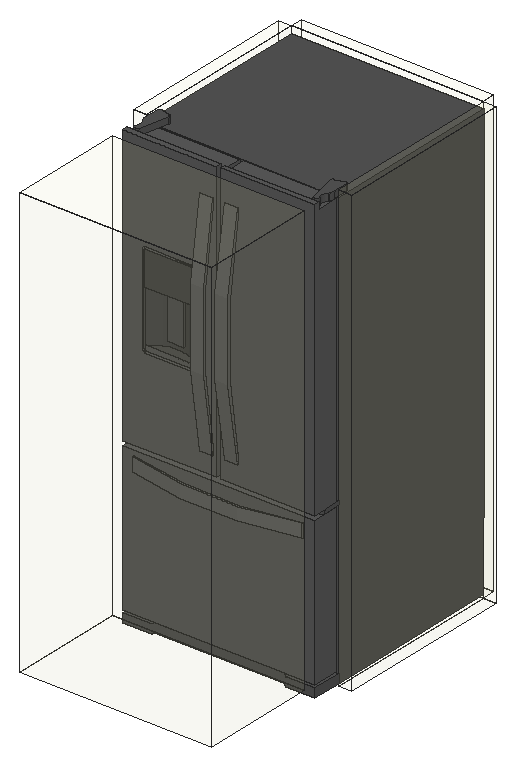
Revit family "WRF560SEHV-007c_Refrigeration_French_Door", category Specialty Equipment, Revit 2026
Family settings
  Round Connector Dimension = Use Diameter
  Part Type = Normal
  Work Plane-Based = No
  Enable Cutting in Views = No
  Always vertical = Yes
  Cut with Voids When Loaded = No
  Maintain Annotation Orientation = No
  Shared = No
  Room Calculation Point = No
Parameters (values of type "WRF560SEHV")
  Width = 29 1/2"
  Warranty Duration (Years) = "One year limited"
  Voltage = 120 V
  URL = "https://www.whirlpool.com/kitchen/refrigeration/refrigerators/french-door/p.30-inch-wide-french-door-refrigerator-20-cu.-ft.wrf560sehz.html"
  Specification = ""
  SpecWizard = ""
  Show Clearance [instance] = yes
  Send Message = ""
  Sales Information = "https://www.whirlpool.com/kitchen/refrigeration/refrigerators/french-door/p.30-inch-wide-french-door-refrigerator-20-cu.-ft.wrf560sehz.html"
  Product Data = "https://www.whirlpool.com/content/dam/global/documents/201801/UserInstructions-W10360467-RevC.pdf"
  Model = "WRF560SEHV"
  Manufacturer Website = ""
  Manufacturer Phone - Toll Free = ""
  Manufacturer Phone = ""
  Manufacturer Fax = ""
  Manufacturer Email = ""
  Manufacturer Address = ""
  Manufacturer = "Whirlpool"
  Maintenance Schedule (Months) = "NA"
  Leg Material = ARCAT - Plastic - Black
  Installation-Fabrication = "https://www.whirlpool.com/content/dam/global/documents/201801/DimensionGuide-W10359441-D-WH.pdf"
  Installation Phase = "NA"
  Height = 68 3/8"
  Handle Material = ARCAT - Metal - Steel - Gray
  HW size = 0"
  Family Name = "Freestanding Refrigerator"
  Expected Lifespan (Years) = "NA"
  Exhaust size = 0"
  Drawn By = ""
  Drain size = 0"
  Door Material = ARCAT - Metal - Steel - Black Stainless
  Display Panel Material = ARCAT - Glass - Black
  Description = "Whirlpool® 30-inch Wide French Door Refrigerator - 20 cu. ft."
  Depth = 34 3/8"
  Default Elevation = 0"
  Copyright = ""
  Clearance Material = ARCAT - Clearance
  CW size = 0"
  Body Material = ARCAT - Metal - Steel - Black
  Apparent Load = 0 VA
  Amps = 15 A
  Accent Material = ARCAT - Metal - Steel - Black
Reference planes (in)
  plane 1 "Center (Front/Back)": y = 0
  plane 2: z = 0
  plane 3 "Center (Left/Right)": x = 0
  plane 4: x = 14.75
  plane 5: x = -14.75
  plane 6: y = -2
  plane 7: y = -36.375
  plane 8: z = 68.375
Forms (in)
  Extrusion 1, solid, material "ARCAT - Metal - Steel - Black" <- "Body Material"
    sketch origin (0, -2, -0.5) x (1, 0, 0) y (0, 1, 0)
      loop
        line (-14.75, -0.0625) -> (-14.75, -27.8125) -> (14.75, -27.8125) -> (14.75, -0.0625) -> (-14.75, -0.0625)
    from 1 to 67.875
  Extrusion 2, solid, material "ARCAT - Clearance" <- "Clearance Material", visible <- "Show Clearance", detail levels medium+fine
    sketch origin (63.95747, -149.5, 68.375) x (-1, 0, 0) y (0, -1, 0)
      loop
        line (49.20747, -149.5) -> (78.70747, -149.5) -> (78.70747, -147.5) -> (49.20747, -147.5) -> (49.20747, -149.5)
    from 0 to -68.375
  Extrusion 3, solid, material "ARCAT - Metal - Steel - Black Stainless" <- "Door Material"
    sketch origin (0, -4.375, 68.375) x (1, 0, 0) y (0, 1, 0)
      loop
        line (-14.75, -30) -> (-0.3125, -30) -> (-0.3125, -25.5625) -> (-14, -25.5625) -> (-14, -25.9375) -> (-14.75, -25.9375) -> (-14.75, -30)
    from 0 to -42.79357
  Extrusion 4, solid, material "ARCAT - Glass - Black" <- "Display Panel Material"
    sketch origin (-14.75, -34.375, 72.625) x (1, 0, 0) y (0, 0, 1)
      loop
        line (3.30715, -24.65412) -> (10.95152, -24.65412) -> (10.95152, -19.66472)
        arc (10.95152, -19.66472) -> (10.8783, -19.48795) -> (10.70152, -19.41472) r 0.25
        line (10.70152, -19.41472) -> (3.55715, -19.41472)
        arc (3.55715, -19.41472) -> (3.38038, -19.48795) -> (3.30715, -19.66472) r 0.25
        line (3.30715, -19.66472) -> (3.30715, -24.65412)
    from 0 to 0.0625
  Extrusion 5, solid, material "ARCAT - Metal - Steel - Black" <- "Body Material"
    sketch origin (-14.75, -34.375, 48.79357) x (1, 0, 0) y (0, 0, 1)
      loop
        arc (3.30715, -9.2561) -> (3.42663, -9.54455) -> (3.71508, -9.66403) r 0.40793
        line (3.71508, -9.66403) -> (10.54527, -9.66403)
        arc (10.54527, -9.66403) -> (10.83254, -9.54504) -> (10.95152, -9.25778) r 0.40625
        line (10.95152, -9.25778) -> (10.95152, 4.16671)
        arc (10.95152, 4.16671) -> (10.8783, 4.34348) -> (10.70152, 4.41671) r 0.25
        line (10.70152, 4.41671) -> (3.55715, 4.41671)
        arc (3.55715, 4.41671) -> (3.38038, 4.34348) -> (3.30715, 4.16671) r 0.25
        line (3.30715, 4.16671) -> (3.30715, -9.2561)
      loop
        arc (3.05715, -9.2561) -> (3.24985, -9.72132) -> (3.71508, -9.91403) r 0.65793
        line (3.71508, -9.91403) -> (10.54527, -9.91403)
        arc (10.54527, -9.91403) -> (11.00931, -9.72181) -> (11.20152, -9.25778) r 0.65625
        line (11.20152, -9.25778) -> (11.20152, 4.16671)
        arc (11.20152, 4.16671) -> (11.05508, 4.52026) -> (10.70152, 4.66671) r 0.5
        line (10.70152, 4.66671) -> (3.55715, 4.66671)
        arc (3.55715, 4.66671) -> (3.2036, 4.52026) -> (3.05715, 4.16671) r 0.5
        line (3.05715, 4.16671) -> (3.05715, -9.2561)
    from 0 to 0.0625
  Extrusion 6, solid, material "ARCAT - Clearance" <- "Clearance Material", visible <- "Show Clearance", detail levels medium+fine
    sketch origin (63.95747, -184.125, 68.375) x (-1, 0, 0) y (0, -1, 0)
      loop
        line (49.20747, -147.75) -> (78.70747, -147.75) -> (78.70747, -130) -> (49.20747, -130) -> (49.20747, -147.75)
    from 0 to -66.05697
  Extrusion 7, solid, material "ARCAT - Metal - Steel - Gray" <- "Handle Material"
    sketch origin (-0.03977, -4.375, -2.77278) x (0, 1, 0) y (0, 0, -1)
      loop
        line (-30, -66.625) -> (-30, -65.4798)
        arc (-30, -65.4798) -> (-31.77475, -48.87599) -> (-30, -32.27218) r 78.55645
        line (-30, -32.27218) -> (-30, -31.12698)
        arc (-30, -31.12698) -> (-32.02475, -48.87599) -> (-30, -66.625) r 78.80645
    from 0.83523 to 2.83523
  Extrusion 8, solid, material "ARCAT - Metal - Steel - Black" <- "Body Material"
    sketch origin (-5.26713, -33.90625, 49.84588) x (1, 0, 0) y (0, -1, 0)
      loop
        arc (-3.64128, -1.04392) -> (-2.38926, -1.19725) -> (-1.13478, -1.06553) r 5.58152
        line (-1.13478, -1.06553) -> (-1.13478, -0.83704) -> (-3.64128, -0.83704) -> (-3.64128, -1.04392)
    from 2.5 to 9.09133
  Extrusion 9, solid, material "ARCAT - Plastic - Black" <- "Leg Material"
    sketch origin (0.73842, 17.04923, 0) x (1, 0, 0) y (0, -1, 0)
      loop
        circle (-13.18238, 22.39858) r 0.75
    from 0 to -0.5
  Extrusion 10, solid, material "ARCAT - Plastic - Black" <- "Leg Material"
    sketch origin (0.73842, -5.10142, 0) x (1, 0, 0) y (0, -1, 0)
      loop
        circle (-13.18238, 23.14858) r 0.75
    from 0 to -0.5
  Extrusion 11, solid, material "ARCAT - Plastic - Black" <- "Leg Material"
    sketch origin (-0.73842, 17.04923, 0) x (1, 0, 0) y (0, -1, 0)
      loop
        circle (13.18238, 22.39858) r 0.75
    from 0 to -0.5
  Extrusion 12, solid, material "ARCAT - Plastic - Black" <- "Leg Material"
    sketch origin (-0.73842, -5.10142, 0) x (1, 0, 0) y (0, -1, 0)
      loop
        circle (13.18238, 23.14858) r 0.75
    from 0 to -0.5
  Extrusion 13, solid, material "ARCAT - Metal - Steel - Black Stainless" <- "Door Material"
    sketch origin (-6.51723, -33.625, 34.87955) x (0, -1, 0) y (1, 0, 0)
      loop
        line (-1.05781, -3.85136) -> (-0.80496, -3.85136)
        arc (-0.80496, -3.85136) -> (-0.9168, -2.38478) -> (-0.80499, -0.9182) r 9.67341
        line (-0.80499, -0.9182) -> (-1.05784, -0.9182)
        arc (-1.05784, -0.9182) -> (-1.1668, -2.38478) -> (-1.05781, -3.85136) r 9.92341
    from 4.42548 to 8.09133
  Extrusion 14, solid, material "ARCAT - Clearance" <- "Clearance Material", visible <- "Show Clearance", detail levels medium+fine
    sketch origin (-17.58655, -2, 48) x (1, 0, 0) y (0, 0, 1)
      loop
        line (2.83655, 20.375) -> (0.83655, 20.375) -> (0.83655, -48) -> (2.83655, -48) -> (2.83655, 20.375)
      loop
        line (32.33655, 20.375) -> (32.33655, -48) -> (34.33655, -48) -> (34.33655, 20.375) -> (32.33655, 20.375)
    from 0 to 27.8125
  Extrusion 15, void
    sketch origin (0.375, 0, -0.5) x (0, -1, 0) y (1, 0, 0)
      loop
        line (34.375, -11.81785) -> (34.375, -4.19189) -> (34.19412, -4.19189)
        arc (34.19412, -4.19189) -> (32.70887, -8.01285) -> (34.23453, -11.81785) r 5.58152
        line (34.23453, -11.81785) -> (34.375, -11.81785)
    from 40.37955 to 48.47088
  Extrusion 16, solid, material "ARCAT - Metal - Steel - Black Stainless" <- "Door Material"
    sketch origin (0, -4.375, 68.375) x (-1, 0, 0) y (0, -1, 0)
      loop
        line (-14.75, 30) -> (-14.75, 25.9375) -> (-14, 25.9375) -> (-14, 25.5625) -> (-0.3125, 25.5625) -> (-0.3125, 30) -> (-14.75, 30)
    from 0 to -42.79357
  Extrusion 17, solid, material "ARCAT - Metal - Steel - Black Stainless" <- "Door Material"
    sketch origin (0, -4.375, 57.375) x (-1, 0, 0) y (0, -1, 0)
      loop
        line (-14.75, 30) -> (-14.75, 25.9375) -> (-14, 25.9375) -> (-14, 25.5625) -> (14, 25.5625) -> (14, 25.9375) -> (14.75, 25.9375) -> (14.75, 30) -> (-14.75, 30)
    from -32.54357 to -55.05697
  Extrusion 18, solid, material "ARCAT - Metal - Steel - Gray" <- "Handle Material"
    sketch origin (-48.75099, -4.375, 21.18845) x (1, 0, 0) y (0, 1, 0)
      loop
        line (35.8369, -30) -> (35.68948, -30) -> (35.68948, -30.12349)
        arc (35.68948, -30.12349) -> (35.71503, -30.19922) -> (35.78124, -30.24399) r 0.125
        arc (35.78124, -30.24399) -> (48.75099, -32) -> (61.72074, -30.24399) r 48.77463
        arc (61.72074, -30.24399) -> (61.78695, -30.19922) -> (61.8125, -30.12349) r 0.125
        line (61.8125, -30.12349) -> (61.8125, -30) -> (61.66508, -30)
        arc (61.66508, -30) -> (48.75099, -31.75) -> (35.8369, -30) r 48.52463
    from 0.83523 to 2.83523
  Extrusion 19, solid, material "ARCAT - Metal - Steel - Gray" <- "Handle Material"
    sketch origin (0.03977, -4.375, -2.77278) x (0, 1, 0) y (0, 0, 1)
      loop
        arc (-30, 66.625) -> (-32.02475, 48.87599) -> (-30, 31.12698) r 78.80645
        line (-30, 31.12698) -> (-30, 32.27218)
        arc (-30, 32.27218) -> (-31.77475, 48.87599) -> (-30, 65.4798) r 78.55645
        line (-30, 65.4798) -> (-30, 66.625)
    from 0.83523 to 2.83523
  Extrusion 20, solid, material "ARCAT - Metal - Steel - Black" <- "Body Material"
    sketch origin (3.11177, -5.17197, 24.58143) x (1, 0, 0) y (0, 1, 0)
      loop
        line (-17.86177, -24.64053) -> (-17.86177, -27.31056)
        arc (-17.86177, -27.31056) -> (-17.56507, -27.70764) -> (-17.10018, -27.53566) r 0.41406
        line (-17.10018, -27.53566) -> (-16.24093, -26.20909)
        arc (-16.24093, -26.20909) -> (-16.25266, -25.96938) -> (-16.48367, -25.9043) r 0.20547
        line (-16.48367, -25.9043) -> (-16.67476, -25.97385)
        arc (-16.67476, -25.97385) -> (-16.92377, -25.88933) -> (-16.89514, -25.62792) r 0.21007
        line (-16.89514, -25.62792) -> (-15.90775, -24.64053) -> (-17.86177, -24.64053)
    from 0.5 to 1
  Extrusion 21, solid, material "ARCAT - Metal - Steel - Black" <- "Body Material"
    sketch origin (-3.11177, -5.17197, 24.58143) x (-1, 0, 0) y (0, -1, 0)
      loop
        line (-17.86177, 24.64053) -> (-15.90775, 24.64053) -> (-16.89514, 25.62792)
        arc (-16.89514, 25.62792) -> (-16.92377, 25.88933) -> (-16.67476, 25.97385) r 0.21007
        line (-16.67476, 25.97385) -> (-16.48367, 25.9043)
        arc (-16.48367, 25.9043) -> (-16.25266, 25.96938) -> (-16.24093, 26.20909) r 0.20547
        line (-16.24093, 26.20909) -> (-17.10018, 27.53566)
        arc (-17.10018, 27.53566) -> (-17.56507, 27.70764) -> (-17.86177, 27.31056) r 0.41406
        line (-17.86177, 27.31056) -> (-17.86177, 24.64053)
    from 0.5 to 1
  Extrusion 22, solid, material "ARCAT - Metal - Steel - Black" <- "Body Material"
    sketch origin (-14.75, -2.0625, -0.5) x (1, 0, 0) y (0, 0, -1)
      loop
        circle (27.80654, -11.0857) r 0.25
    from 0 to 0.03125
  Extrusion 23, solid, material "ARCAT - Metal - Steel - Black" <- "Body Material"
    sketch origin (-14.75, -2.0625, -0.5) x (1, 0, 0) y (0, 0, -1)
      loop
        line (28, -1) -> (3.75, -1) -> (3.75, -2.49567)
        arc (3.75, -2.49567) -> (3.5, -2.74567) -> (3.25, -2.49567) r 0.25
        line (3.25, -2.49567) -> (3.25, -1) -> (1, -1) -> (1, -2.49567) -> (0.5, -2.49567) -> (0.5, -4.05634) -> (2.87356, -4.05634) -> (2.87356, -6.31722) -> (0.5, -6.31722) -> (0.5, -10.2917) -> (1, -10.2917) -> (1, -11.78736) -> (27.4375, -11.78736) -> (27.4375, -10.61908) -> (28.1875, -10.61908) -> (28.1875, -11.53736) -> (29, -11.53736) -> (29, -2) -> (28, -2) -> (28, -1)
    from 0 to 0.0625
  Extrusion 24, solid, material "ARCAT - Metal - Steel - Black" <- "Accent Material"
    sketch origin (-14.75, -31.875, 57.375) x (0, -1, 0) y (0, 0, 1)
      loop
        line (-2.0625, -55.5002) -> (-2.0625, -56.875) -> (2.5, -56.875) -> (2.5, -55.5002) -> (-2.0625, -55.5002)
    from 0 to -4.5
  Extrusion 25, solid, material "ARCAT - Metal - Steel - Black" <- "Accent Material"
    sketch origin (14.75, -34.375, 68.375) x (-1, 0, 0) y (0, 0, -1)
      loop
        line (25, 67.875) -> (24.64645, 67.52145) -> (4.85355, 67.52145) -> (4.5, 67.875) -> (4.5, 66.5002) -> (4.85355, 66.14665) -> (24.64645, 66.14665) -> (25, 66.5002) -> (25, 67.875)
    from 0 to -4.5625
  Extrusion 26, solid, material "ARCAT - Metal - Steel - Black" <- "Accent Material"
    sketch origin (14.75, -31.875, 57.375) x (0, -1, 0) y (0, 0, -1)
      loop
        line (-2.0625, 55.5002) -> (2.5, 55.5002) -> (2.5, 56.875) -> (-2.0625, 56.875) -> (-2.0625, 55.5002)
    from 0 to -4.5
  Extrusion 27, solid, material "ARCAT - Metal - Steel - Black" <- "Body Material"
    sketch origin (0.125, -5.59375, 67.375) x (1, 0, 0) y (0, 1, 0)
      loop
        arc (-14.26354, -22.14842) -> (-14.50419, -22.20093) -> (-14.61177, -22.4225) r 0.28197
        line (-14.61177, -22.4225) -> (-14.61177, -24.67511)
        arc (-14.61177, -24.67511) -> (-14.58722, -25.03246) -> (-14.51403, -25.3831) r 2.61317
        arc (-14.51403, -25.3831) -> (-14.45066, -25.53883) -> (-14.35425, -25.67658) r 0.75155
        arc (-14.35425, -25.67658) -> (-14.07121, -26.35267) -> (-14.2568, -27.06172) r 1.14347
        arc (-14.2568, -27.06172) -> (-14.0771, -27.65025) -> (-13.53208, -27.36459) r 0.39966
        line (-13.53208, -27.36459) -> (-12.57015, -22.83907)
        arc (-12.57015, -22.83907) -> (-12.60727, -22.6307) -> (-12.77917, -22.50722) r 0.28125
        line (-12.77917, -22.50722) -> (-14.26354, -22.14842)
    from 1 to 0
  Extrusion 28, void
    sketch origin (-17.75, 6.715, 49.75) x (0, 1, 0) y (0, 0, 1)
      loop
        line (-36.5275, 18.625) -> (-40.2775, 18.625) -> (-40.2775, 17.625) -> (-36.5275, 17.625) -> (-36.5275, 18.625)
    from 3 to 17.4375
  Extrusion 29, solid, material "ARCAT - Metal - Steel - Black" <- "Body Material"
    sketch origin (-0.125, -5.59375, 67.375) x (-1, 0, 0) y (0, -1, 0)
      loop
        line (-14.26354, 22.14842) -> (-12.77917, 22.50722)
        arc (-12.77917, 22.50722) -> (-12.60727, 22.6307) -> (-12.57015, 22.83907) r 0.28125
        line (-12.57015, 22.83907) -> (-13.53208, 27.36459)
        arc (-13.53208, 27.36459) -> (-14.0771, 27.65025) -> (-14.2568, 27.06172) r 0.39966
        arc (-14.2568, 27.06172) -> (-14.07121, 26.35267) -> (-14.35425, 25.67658) r 1.14347
        arc (-14.35425, 25.67658) -> (-14.45066, 25.53883) -> (-14.51403, 25.3831) r 0.75155
        arc (-14.51403, 25.3831) -> (-14.58722, 25.03246) -> (-14.61177, 24.67511) r 2.61317
        line (-14.61177, 24.67511) -> (-14.61177, 22.4225)
        arc (-14.61177, 22.4225) -> (-14.50419, 22.20093) -> (-14.26354, 22.14842) r 0.28197
    from 1 to 0
  Extrusion 30, void
    sketch origin (17.75, 6.715, 49.75) x (0, 1, 0) y (0, 0, -1)
      loop
        line (-36.5275, -18.625) -> (-36.5275, -17.625) -> (-40.2775, -17.625) -> (-40.2775, -18.625) -> (-36.5275, -18.625)
    from 3 to 17.4375
  Extrusion 31, solid, material "ARCAT - Metal - Steel - Black" <- "Body Material"
    sketch origin (-17.5, -1.0625, 0) x (1, 0, 0) y (0, 0, -1)
      loop
        line (2.75, -9.7917) -> (2.75, -67.375) -> (32.25, -67.375) -> (32.25, -11.03736) -> (31.25, -11.03736) -> (31.25, -66.375) -> (3.75, -66.375) -> (3.75, -9.7917) -> (2.75, -9.7917)
    from -1 to -0.9375
Cuts and joins
  Extrusion 15, Extrusion 28 cuts Extrusion 3
  Extrusion 15, Extrusion 28 cuts Extrusion 13
  joined: Extrusion 3, Extrusion 13
  joined: Extrusion 24, Extrusion 25, Extrusion 26
  Extrusion 30 cuts Extrusion 16
  joined: Extrusion 1, Extrusion 31
Lines and regions (in)
  symbolic lines, style "SpecialityEquipment"
    curve 1: line (14.75, -34.375, 0.5) -> (-14.75, -34.375, 0.5)
    curve 2: line (-14.75, -2, 0.5) -> (14.75, -2, 0.5)
    curve 3: line (14.75, -34.375, 0.5) -> (14.75, -2, 0.5)
    curve 4: line (-14.75, -34.375, 0.5) -> (-14.75, -2, 0.5)
    curve 15: line (-2.875, -36.03976, 0.5) -> (-2.875, -34.375, 0.5)
    curve 16: line (-0.875, -34.375, 0.5) -> (-0.875, -36.11711, 0.5)
    curve 17: arc (-12.96975, -34.61899, 0.5) -> (0, -36.375, 0.5) -> (12.96975, -34.61899, 0.5) r 48.77463
    curve 18: arc (12.96975, -34.61899, 0.5) -> (13.03596, -34.57422, 0.5) -> (13.06151, -34.49849, 0.5) r 0.125
    curve 19: line (13.06151, -34.49849, 0.5) -> (13.06151, -34.375, 0.5)
    curve 20: arc (12.91409, -34.375, 0.5) -> (0, -36.125, 0.5) -> (-12.91409, -34.375, 0.5) r 48.52463
    curve 21: line (-13.06151, -34.375, 0.5) -> (-13.06151, -34.49849, 0.5)
    curve 22: arc (-13.06151, -34.49849, 0.5) -> (-13.03596, -34.57422, 0.5) -> (-12.96975, -34.61899, 0.5) r 0.125
    curve 23: line (2.875, -36.03976, 0.5) -> (2.875, -34.375, 0.5)
    curve 24: line (0.875, -34.375, 0.5) -> (0.875, -36.11711, 0.5)
  model lines
    curve 5: line (12.9375, -2, 1.5) -> (5.4375, -2, 1.5)
    curve 6: line (5.4375, -2, 1.5) -> (5.4375, -2, 10.5)
    curve 7: line (5.4375, -2, 10.5) -> (10.6875, -2, 10.5)
    curve 8: line (10.6875, -2, 10.5) -> (10.6875, -2, 7.75)
    curve 9: line (10.6875, -2, 7.75) -> (12.9375, -2, 7.75)
    curve 10: line (12.9375, -2, 7.75) -> (12.9375, -2, 1.5)
    curve 11: line (-10.5, -2, 1.5) -> (-10.5, -2, 10.5)
    curve 12: line (-6.75, -2, 1.5) -> (-6.75, -2, 10.5)
    curve 13: line (-10.5, -2, 10.5) -> (-6.75, -2, 10.5)
    curve 14: line (-10.5, -2, 1.5) -> (-6.75, -2, 1.5)
Dimensions and locks (in)
  "Width": plane 5 to plane 4
  equal spacing: plane 5, plane 3 "Center (Left/Right)", plane 4
  "Depth": plane 7 to plane 6
  "Height": plane 8 to plane 2
  aligned and locked: plane 2 to level
Automatic sketch dimensions
  curve 17 to curve 20 = 0"  (x2)
  curve 17 to plane 3 "Center (Left/Right)" = 0"
  curve 2 to plane 4 = 0"
  plane 6 to curve 2 = 0"
  curve 4 to plane 5 = 0"
  curve 20 to plane 1 "Center (Front/Back)" = 12.39963"
  curve 4 to plane 7 = 2"
  curve 21 to curve 21 = 0.12349"
  curve 20 to curve 18 = 0.12349"
  plane 5 to curve 21 = 1.68849"
  curve 22 to curve 22 = 1/8"
  curve 18 to plane 4 = 1.81349"
  curve 18 to curve 19 = 1/8"
  curve 17 to curve 18 = 0"
  curve 15 to plane 7 = 0.33524"
  curve 23 to plane 7 = 0.33524"
  curve 24 to plane 7 = 0.25789"
  curve 16 to plane 7 = 0.25789"
  curve 22 to curve 20 = 0.02242"
  Extrusion 1 sketch curve to plane 5 = 0"
  Extrusion 1 sketch curve to plane 4 = 0"
  Extrusion 1 sketch curve to plane 7 = 6 9/16"
  plane 6 to Extrusion 1 sketch curve = 1/16"
  Extrusion 2 sketch curve to plane 4 = 0"
  Extrusion 2 sketch curve to plane 5 = 0"
  plane 1 "Center (Front/Back)" to Extrusion 2 sketch curve = 0"
  plane 6 to Extrusion 2 sketch curve = 0"
  Extrusion 3 sketch curve to plane 5 = 0"
  plane 5 to Extrusion 3 sketch curve = 3/4"
  Extrusion 3 sketch curve to plane 3 "Center (Left/Right)" = 5/16"
  Extrusion 3 sketch curve to plane 7 = 2"
  Extrusion 3 sketch curve to Extrusion 3 sketch curve = 4 1/16"
  Extrusion 3 sketch curve to Extrusion 3 sketch curve = 4 7/16"
  Extrusion 3 to Extrusion 4 sketch curve = 3.30715"
  Extrusion 4 sketch curve to Extrusion 4 sketch curve = 1/4"
  Extrusion 4 sketch curve to Extrusion 3 = 3.73598"
  Extrusion 4 sketch curve to Extrusion 3 = 3.48598"
  Extrusion 3 to Extrusion 4 sketch curve = 20.40412"
  Extrusion 4 sketch curve to Extrusion 4 sketch curve = 4.9894"
  Extrusion 5 sketch curve to Extrusion 5 sketch curve = 0"  (x8)
  Extrusion 3 to Extrusion 5 sketch curve = 3.05715"
  Extrusion 5 sketch curve to Extrusion 5 sketch curve = 1/4"  (x2)
  Extrusion 5 sketch curve to Extrusion 5 sketch curve = 0.40793"
  Extrusion 5 sketch curve to Extrusion 3 = 3.89223"
  Extrusion 5 sketch curve to Extrusion 3 = 3.73598"
  Extrusion 5 sketch curve to Extrusion 5 sketch curve = 13/32"
  Extrusion 3 to Extrusion 5 sketch curve = 13.29812"
  Extrusion 5 sketch curve to Extrusion 5 sketch curve = 13.42448"
  Extrusion 6 sketch curve to plane 4 = 0"
  Extrusion 6 sketch curve to plane 5 = 0"
  plane 7 to Extrusion 6 sketch curve = 0"
  plane 7 to Extrusion 6 sketch curve = 17 3/4"
  Extrusion 7 sketch curve to Extrusion 7 sketch curve = 0"  (x3)
  Extrusion 7 sketch curve to plane 7 = 2"  (x2)
  Extrusion 7 sketch curve to plane 1 "Center (Front/Back)" = 42.4067"
  Extrusion 7 sketch curve to Extrusion 7 sketch curve = 1.1452"
  plane 5 to Extrusion 8 sketch curve = 5.84159"
  plane 7 to Extrusion 8 sketch curve = 1.91531"
  Extrusion 8 sketch curve to Extrusion 8 sketch curve = 1.30014"
  Extrusion 8 sketch curve to Extrusion 8 sketch curve = 2.5065"
  Extrusion 8 sketch curve to plane 7 = 3.30579"
  Extrusion 8 sketch curve to Extrusion 8 sketch curve = 0.20688"
  plane 5 to Extrusion 9 sketch curve = 2.30604"
  plane 6 to Extrusion 9 sketch curve = 3.34935"
  plane 5 to Extrusion 10 sketch curve = 2.30604"
  Extrusion 10 sketch curve to plane 7 = 8 1/8"
  Extrusion 11 sketch curve to plane 4 = 2.30604"
  plane 6 to Extrusion 11 sketch curve = 3.34935"
  Extrusion 12 sketch curve to plane 4 = 2.30604"
  Extrusion 12 sketch curve to plane 7 = 8 1/8"
  Extrusion 13 sketch curve to Extrusion 13 sketch curve = 0"  (x2)
  Extrusion 13 sketch curve to plane 7 = 3.80784"
  Extrusion 13 sketch curve to Extrusion 13 sketch curve = 0.00003"
  Extrusion 13 sketch curve to Extrusion 13 sketch curve = 0.25285"
  plane 7 to Extrusion 13 sketch curve = 6.00662"
  plane 5 to Extrusion 13 sketch curve = 4.38141"
  plane 5 to Extrusion 13 sketch curve = 5.84809"
  Extrusion 14 sketch curve to plane 8 = 0"  (x2)
  Extrusion 14 sketch curve to level = 0"  (x2)
  Extrusion 14 sketch curve to plane 5 = 0"
  Extrusion 14 sketch curve to plane 4 = 0"
  Extrusion 14 sketch curve to Extrusion 14 sketch curve = 2"
  plane 4 to Extrusion 14 sketch curve = 2"
  Extrusion 15 sketch curve to plane 7 = 2.18088"
  Extrusion 15 sketch curve to plane 7 = 2.14047"
  Extrusion 15 sketch curve to Extrusion 15 sketch curve = 0.14047"
  plane 7 to Extrusion 15 sketch curve = 1.91531"
  plane 5 to Extrusion 15 sketch curve = 3.30715"
  Extrusion 15 sketch curve to Extrusion 15 sketch curve = 3.83458"
  Extrusion 16 sketch curve to plane 4 = 0"
  Extrusion 16 sketch curve to plane 4 = 3/4"
  plane 3 "Center (Left/Right)" to Extrusion 16 sketch curve = 5/16"
  Extrusion 16 sketch curve to plane 7 = 6 7/16"
  Extrusion 16 sketch curve to Extrusion 16 sketch curve = 3/8"
  Extrusion 16 sketch curve to plane 7 = 2"
  Extrusion 17 sketch curve to plane 4 = 0"
  Extrusion 17 sketch curve to plane 5 = 0"
  Extrusion 17 sketch curve to plane 4 = 3/4"
  plane 5 to Extrusion 17 sketch curve = 3/4"
  Extrusion 17 sketch curve to plane 7 = 6 7/16"
  Extrusion 17 sketch curve to Extrusion 17 sketch curve = 3/8"  (x2)
  Extrusion 17 sketch curve to plane 7 = 2"
  Extrusion 18 sketch curve to Extrusion 18 sketch curve = 0"  (x3)
  Extrusion 18 sketch curve to plane 3 "Center (Left/Right)" = 0"
  plane 5 to Extrusion 18 sketch curve = 1.83591"
  Extrusion 18 sketch curve to Extrusion 18 sketch curve = 0.02242"  (x2)
  Extrusion 18 sketch curve to Extrusion 18 sketch curve = 1/8"
  Extrusion 18 sketch curve to plane 4 = 1.83591"
  Extrusion 18 sketch curve to Extrusion 18 sketch curve = 0.14742"
  Extrusion 18 sketch curve to plane 7 = 1.87651"  (x2)
  Extrusion 18 sketch curve to Extrusion 18 sketch curve = 0.12349"
  Extrusion 18 sketch curve to plane 1 "Center (Front/Back)" = 12.39963"
  Extrusion 19 sketch curve to Extrusion 19 sketch curve = 0"  (x3)
  Extrusion 19 sketch curve to plane 7 = 2"  (x2)
  Extrusion 19 sketch curve to plane 1 "Center (Front/Back)" = 42.4067"
  level to Extrusion 19 sketch curve = 29.4994"
  Extrusion 19 sketch curve to Extrusion 19 sketch curve = 1.1452"
  Extrusion 20 sketch curve to plane 5 = 0"
  plane 5 to Extrusion 20 sketch curve = 53/128"
  Extrusion 20 sketch curve to Extrusion 20 sketch curve = 0.34753"
  plane 5 to Extrusion 20 sketch curve = 0.96663"
  Extrusion 20 sketch curve to Extrusion 20 sketch curve = 0.14854"
  Extrusion 20 sketch curve to Extrusion 20 sketch curve = 0.07185"
  Extrusion 20 sketch curve to Extrusion 20 sketch curve = 0.19109"
  Extrusion 20 sketch curve to Extrusion 20 sketch curve = 0.07028"
  Extrusion 20 sketch curve to Extrusion 20 sketch curve = 0.17246"
  Extrusion 20 sketch curve to Extrusion 20 sketch curve = 0.57592"
  Extrusion 20 sketch curve to plane 7 = 3.66737"
  Extrusion 20 sketch curve to Extrusion 20 sketch curve = 1.32657"
  Extrusion 20 sketch curve to Extrusion 20 sketch curve = 0.1117"
  Extrusion 20 sketch curve to Extrusion 20 sketch curve = 0.06955"
  Extrusion 20 sketch curve to Extrusion 20 sketch curve = 0.1974"
  Extrusion 20 sketch curve to Extrusion 20 sketch curve = 1.26377"
  Extrusion 21 sketch curve to plane 4 = 0"
  Extrusion 21 sketch curve to Extrusion 21 sketch curve = 53/128"
  Extrusion 21 sketch curve to Extrusion 21 sketch curve = 0.34753"
  Extrusion 21 sketch curve to plane 4 = 0.96663"
  Extrusion 21 sketch curve to Extrusion 21 sketch curve = 0.14854"  (x2)
  Extrusion 21 sketch curve to Extrusion 21 sketch curve = 0.07185"
  Extrusion 21 sketch curve to Extrusion 21 sketch curve = 0.19109"
  Extrusion 21 sketch curve to Extrusion 21 sketch curve = 0.07028"
  Extrusion 21 sketch curve to Extrusion 21 sketch curve = 0.17246"
  Extrusion 21 sketch curve to Extrusion 21 sketch curve = 0.57592"
  Extrusion 21 sketch curve to plane 7 = 6 9/16"
  Extrusion 21 sketch curve to Extrusion 21 sketch curve = 0.98739"
  Extrusion 21 sketch curve to Extrusion 21 sketch curve = 0.06955"
  Extrusion 21 sketch curve to Extrusion 21 sketch curve = 0.19308"
  Extrusion 21 sketch curve to Extrusion 21 sketch curve = 1.33671"
  Extrusion 22 sketch curve to Extrusion 1 = 1.69346"
  Extrusion 1 to Extrusion 22 sketch curve = 10.0857"
  plane 5 to Extrusion 23 sketch curve = 1/2"  (x2)
  Extrusion 23 sketch curve to Extrusion 23 sketch curve = 1/2"  (x2)
  Extrusion 23 sketch curve to Extrusion 23 sketch curve = 2.37356"
  level to Extrusion 23 sketch curve = 1/2"  (x2)
  Extrusion 23 sketch curve to Extrusion 23 sketch curve = 2 1/4"
  Extrusion 23 sketch curve to Extrusion 23 sketch curve = 1/4"
  Extrusion 23 sketch curve to plane 4 = 2 1/16"
  Extrusion 23 sketch curve to plane 4 = 1 1/2"
  Extrusion 23 sketch curve to Extrusion 23 sketch curve = 3/4"
  Extrusion 23 sketch curve to plane 4 = 1/2"
  Extrusion 23 sketch curve to Extrusion 23 sketch curve = 1"
  Extrusion 23 sketch curve to Extrusion 23 sketch curve = 1.49567"  (x3)
  Extrusion 23 sketch curve to Extrusion 23 sketch curve = 1.56068"
  Extrusion 23 sketch curve to Extrusion 23 sketch curve = 2.26088"
  Extrusion 23 sketch curve to Extrusion 23 sketch curve = 3.97447"
  Extrusion 23 sketch curve to Extrusion 23 sketch curve = 8.61908"
  Extrusion 23 sketch curve to Extrusion 23 sketch curve = 0.91828"
  Extrusion 24 sketch curve to Extrusion 17 = 0"
  Extrusion 24 sketch curve to Extrusion 17 = 1/2"
  Extrusion 24 sketch curve to Extrusion 17 = 1.81803"
  Extrusion 24 sketch curve to Extrusion 17 = 0.44323"
  Extrusion 16 to Extrusion 25 sketch curve = 4 1/2"
  Extrusion 25 sketch curve to Extrusion 25 sketch curve = 0.35355"  (x7)
  Extrusion 16 to Extrusion 25 sketch curve = 10.20895"
  Extrusion 25 sketch curve to Extrusion 25 sketch curve = 0"
  Extrusion 25 sketch curve to Extrusion 16 = 23.35308"
  Extrusion 25 sketch curve to Extrusion 25 sketch curve = 1.02124"
  level to Extrusion 26 sketch curve = 1/2"
  Extrusion 26 sketch curve to plane 7 = 6 9/16"
  Extrusion 26 sketch curve to plane 7 = 2"
  Extrusion 26 sketch curve to Extrusion 26 sketch curve = 1.3748"
  curve 11 to Extrusion 23 = 0"
  curve 5 to Extrusion 23 = 0"
  curve 11 to Extrusion 23 = 1/2"
  curve 11 to curve 12 = 3 3/4"
  Extrusion 23 to curve 7 = 0.38092"
  curve 7 to Extrusion 23 = 7 1/4"
  curve 7 to Extrusion 23 = 2"
  Extrusion 23 to curve 10 = 1/4"
  Extrusion 23 to curve 12 = 0.38092"
  curve 9 to Extrusion 23 = 1.93278"
  Extrusion 27 sketch curve to plane 5 = 0.33686"
  plane 5 to Extrusion 27 sketch curve = 0.26323"
  Extrusion 27 sketch curve to Extrusion 27 sketch curve = 0.28197"
  Extrusion 27 sketch curve to Extrusion 27 sketch curve = 0.06625"
  plane 5 to Extrusion 27 sketch curve = 0.952"
  Extrusion 27 sketch curve to Extrusion 27 sketch curve = 0.82117"
  Extrusion 27 sketch curve to Extrusion 27 sketch curve = 0.39092"
  Extrusion 27 sketch curve to Extrusion 27 sketch curve = 1.48454"
  Extrusion 27 sketch curve to Extrusion 27 sketch curve = 0.06608"
  Extrusion 27 sketch curve to Extrusion 27 sketch curve = 0.2751"
  Extrusion 27 sketch curve to Extrusion 27 sketch curve = 1.792"
  Extrusion 27 sketch curve to plane 7 = 3.41666"
  Extrusion 27 sketch curve to Extrusion 27 sketch curve = 0.08309"
  Extrusion 27 sketch curve to Extrusion 27 sketch curve = 0.84858"
  Extrusion 27 sketch curve to Extrusion 27 sketch curve = 1.25344"
  Extrusion 27 sketch curve to Extrusion 27 sketch curve = 0.50437"
  Extrusion 27 sketch curve to Extrusion 27 sketch curve = 1.83603"
  Extrusion 27 sketch curve to Extrusion 27 sketch curve = 0.05848"
  Extrusion 27 sketch curve to Extrusion 27 sketch curve = 0.35809"
  Extrusion 27 sketch curve to Extrusion 27 sketch curve = 0"  (x2)
  plane 8 to Extrusion 28 sketch curve = 0"
  Extrusion 28 sketch curve to plane 7 = 2 13/16"
  Extrusion 28 sketch curve to Extrusion 28 sketch curve = 3 3/4"
  plane 4 to Extrusion 29 sketch curve = 0.33686"
  Extrusion 29 sketch curve to plane 4 = 0.26323"
  Extrusion 29 sketch curve to Extrusion 29 sketch curve = 0.28197"
  Extrusion 29 sketch curve to Extrusion 29 sketch curve = 0.06625"
  Extrusion 29 sketch curve to plane 4 = 0.952"
  Extrusion 29 sketch curve to Extrusion 29 sketch curve = 0.82117"
  Extrusion 29 sketch curve to Extrusion 29 sketch curve = 0.39092"
  Extrusion 29 sketch curve to Extrusion 29 sketch curve = 1.48454"
  Extrusion 29 sketch curve to Extrusion 29 sketch curve = 0.06608"
  Extrusion 29 sketch curve to Extrusion 29 sketch curve = 0.2751"
  Extrusion 29 sketch curve to Extrusion 29 sketch curve = 1.792"
  Extrusion 29 sketch curve to plane 7 = 8 81/128"
  Extrusion 29 sketch curve to Extrusion 29 sketch curve = 0.3588"
  Extrusion 29 sketch curve to Extrusion 29 sketch curve = 0.27338"
  Extrusion 29 sketch curve to Extrusion 29 sketch curve = 1.83603"
  Extrusion 29 sketch curve to Extrusion 29 sketch curve = 0.50437"
  Extrusion 29 sketch curve to Extrusion 29 sketch curve = 1.04982"
  Extrusion 29 sketch curve to Extrusion 29 sketch curve = 0.84858"
  Extrusion 29 sketch curve to Extrusion 29 sketch curve = 0.08309"
  Extrusion 29 sketch curve to Extrusion 29 sketch curve = 0"  (x2)
  plane 8 to Extrusion 30 sketch curve = 0"
  Extrusion 30 sketch curve to plane 7 = 2 13/16"
  Extrusion 30 sketch curve to Extrusion 30 sketch curve = 3 3/4"
  plane 8 to Extrusion 7 sketch curve = 4.52278"
  plane 8 to Extrusion 7 sketch curve = 22.27179"
  plane 8 to Extrusion 19 sketch curve = 22.27179"
  plane 8 to Extrusion 28 sketch curve = 1"
  Extrusion 30 sketch curve to Extrusion 30 sketch curve = 1"
  Extrusion 31 sketch curve to plane 5 = 0"
  plane 5 to Extrusion 31 sketch curve = 1"
  plane 8 to Extrusion 31 sketch curve = 1"
  Extrusion 31 sketch curve to Extrusion 31 sketch curve = 1"
  level to Extrusion 31 sketch curve = 9.7917"
  Extrusion 31 sketch curve to plane 4 = 1"
  Extrusion 31 sketch curve to plane 4 = 0"
  level to Extrusion 31 sketch curve = 11.03736"
  radius of Extrusion 9 sketch curve = 3/4"
  radius of Extrusion 10 sketch curve = 3/4"
  radius of Extrusion 11 sketch curve = 3/4"
  radius of Extrusion 12 sketch curve = 3/4"
  radius of Extrusion 22 sketch curve = 1/4"
Connectors (in)
  electrical at (13.05654, -2.03125, 10.5857), driven by "Voltage", driven by "Apparent Load"
    settings: on Extrusion 22, index 3, voltage 120 V, apparent load 0 VA, apparent load phase1 0 VA, apparent load phase2 0 VA, apparent load phase3 0 VA, power factor 1, load classification "Other", number of poles 1, system type 30, power factor state 1, is connector primary yes, connector utility no, sub classification motor no, connector description "Electrical Connection"
